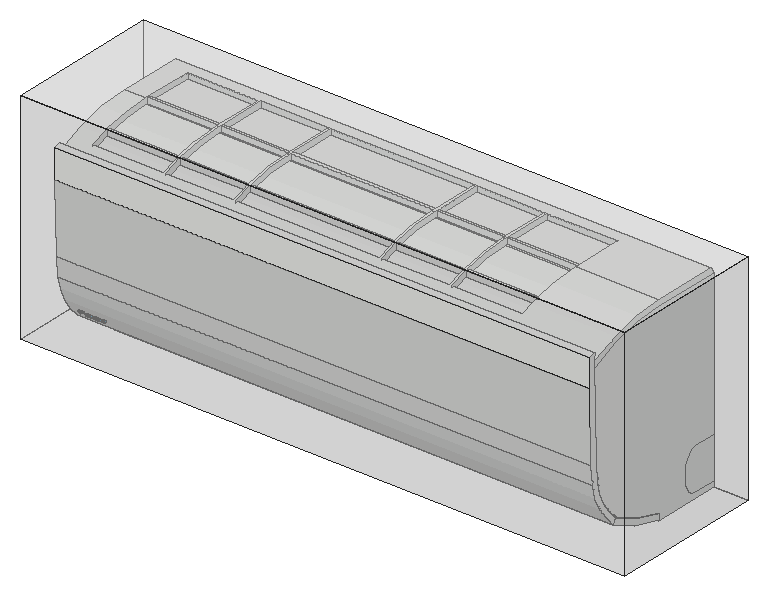
Revit family "outputfile", category 機械設備, Revit 2024
Family settings
  丸型コネクタ寸法 = 半径を使用
  パーツ タイプ = 標準
  OmniClass 番号 = 23.75.10.24.21.27.27
  OmniClass タイトル = Split System Air Conditioning Units
  作業面ベース = いいえ
  常に垂直 = はい
  ロード時にボイドで切り取り = いいえ
  注釈の向きを維持 = いいえ
  共有 = いいえ
  部屋計算ポイント = いいえ
Parameters (values of type "FTKQ60UVM4")
  Description = ""
  書き出し IFC クラス(タイプ) = "IfcUnitaryEquipmentType"
  定義済み IFC タイプ(タイプ) = "AIRCONDITIONINGUNIT"
  Cost = 0
  Type Comments = ""
  Keynote = ""
  Type Image = (empty or 0)
  Assembly Code = ""
  w_wall hole = if(Width = 770.0 mm, 48.0 mm, 60.0 mm)  # 48.0 mm
  製造元 = "Daikin"
  モデル = "FTKQ60UVM4"
  switch_frequency = yes
  r_Liquid Pipe Size = Liquid Pipe Size / 2  # 3.2 mm
  r_Gas Pipe Size = Gas Pipe Size / 2  # 6.35 mm
  r_Drain Pipe Size = Drain Pipe Size / 2  # 8.0 mm
  lw_powersupply [instance] = if(Width = 770.0 mm, if(or(Rear Right Connection_refrigerant, Bottom Right Connection_refrigerant), 25.0 mm, if(or(Rear Left Connection_refrigerant, Bottom Left Connection_refrigerant), 745.0 mm, 400.0 mm)), if(Width = 990.0 mm, if(or(Rear Right Connection_refrigerant, Bottom Right Connection_refrigerant), 40.0 mm, if(or(Rear Left Connection_refrigerant, Bottom Left Connection_refrigerant), 920.0 mm, 400.0 mm)), if(or(Rear Right Connection_refrigerant, Bottom Right Connection_refrigerant), 40.0 mm, if(or(Rear Left Connection_refrigerant, Bottom Left Connection_refrigerant), 920.0 mm, 400.0 mm))))  # 400.0 mm
  lw_liquidpipe [instance] = if(Width = 770.0 mm, if(or(Rear Right Connection_refrigerant, Bottom Right Connection_refrigerant), 0.0 mm, if(or(Rear Left Connection_refrigerant, Bottom Left Connection_refrigerant), 664.0 mm, 385.0 mm)), if(Width = 990.0 mm, if(or(Rear Right Connection_refrigerant, Bottom Right Connection_refrigerant), 0.0 mm, if(or(Rear Left Connection_refrigerant, Bottom Left Connection_refrigerant), 664.0 mm + (990.0 mm - 770.0 mm), 475.0 mm)), if(or(Rear Right Connection_refrigerant, Bottom Right Connection_refrigerant), 0.0 mm, if(or(Rear Left Connection_refrigerant, Bottom Left Connection_refrigerant), 664.0 mm + (990.0 mm - 770.0 mm), 475.0 mm))))  # 385.0 mm
  lw_gaspipe [instance] = if(Width = 770.0 mm, if(or(Rear Right Connection_refrigerant, Bottom Right Connection_refrigerant), 0.0 mm, if(or(Rear Left Connection_refrigerant, Bottom Left Connection_refrigerant), 675.0 mm, if(Gas Pipe Size = 12.7 mm, 345.0 mm, 335.0 mm))), if(Width = 990.0 mm, if(or(Rear Right Connection_refrigerant, Bottom Right Connection_refrigerant), 10.0 mm, if(or(Rear Left Connection_refrigerant, Bottom Left Connection_refrigerant), 890.0 mm, if(Gas Pipe Size = 15.9 mm, 400.0 mm, 400.0 mm))), if(or(Rear Right Connection_refrigerant, Bottom Right Connection_refrigerant), 10.0 mm, if(or(Rear Left Connection_refrigerant, Bottom Left Connection_refrigerant), 890.0 mm, if(Gas Pipe Size = 15.9 mm, 400.0 mm, 400.0 mm)))))  # 345.0 mm
  lw_drainpipe [instance] = if(Width = 770.0 mm, if(or(Rear Right Connection_refrigerant, Bottom Right Connection_refrigerant), 0.0 mm, if(or(Rear Left Connection_refrigerant, Bottom Left Connection_refrigerant), 770.0 mm - 48.0 mm - 48.0 mm, 440.0 mm)), if(Width = 990.0 mm, if(or(Rear Right Connection_refrigerant, Bottom Right Connection_refrigerant), 0.0 mm, if(or(Rear Left Connection_refrigerant, Bottom Left Connection_refrigerant), 675.0 mm + (990.0 mm - 770.0 mm), 435.0 mm)), if(or(Rear Right Connection_refrigerant, Bottom Right Connection_refrigerant), 0.0 mm, if(or(Rear Left Connection_refrigerant, Bottom Left Connection_refrigerant), 675.0 mm + (990.0 mm - 770.0 mm), 435.0 mm))))  # 440.0 mm
  l_powersupply_length [instance] = if(Width = 770.0 mm, if(Right Connection_refrigerant, 400.0 mm, if(Left Connection_refrigerant, 770.0 mm - 400.0 mm, if(or(Rear Left Connection_refrigerant, Rear Right Connection_refrigerant), 15.0 mm, 50.0 mm))), if(Width = 990.0 mm, if(Right Connection_refrigerant, 400.0 mm, if(Left Connection_refrigerant, 990.0 mm - 400.0 mm, if(or(Rear Left Connection_refrigerant, Rear Right Connection_refrigerant), 15.0 mm, 50.0 mm))), if(Right Connection_refrigerant, 400.0 mm, if(Left Connection_refrigerant, 990.0 mm - 400.0 mm, if(or(Rear Left Connection_refrigerant, Rear Right Connection_refrigerant), 15.0 mm, 50.0 mm)))))  # 400.0 mm
  l_liquidpipe_length [instance] = if(Width = 770.0 mm, if(Right Connection_refrigerant, 433.0 mm, if(Left Connection_refrigerant, 337.0 mm, if(or(Rear Left Connection_refrigerant, Rear Right Connection_refrigerant), 30.0 mm, 50.0 mm))), if(Width = 990.0 mm, if(Right Connection_refrigerant, 535.0 mm, if(Left Connection_refrigerant, 455.0 mm, if(or(Rear Left Connection_refrigerant, Rear Right Connection_refrigerant), 30.0 mm, 50.0 mm))), if(Right Connection_refrigerant, 535.0 mm, if(Left Connection_refrigerant, 455.0 mm, if(or(Rear Left Connection_refrigerant, Rear Right Connection_refrigerant), 30.0 mm, 50.0 mm)))))  # 433.0 mm
  l_gaspipe_length [instance] = if(Width = 770.0 mm, if(Right Connection_refrigerant, if(Gas Pipe Size = 12.7 mm, 393.0 mm, 383.0 mm), if(Left Connection_refrigerant, if(Gas Pipe Size = 12.7 mm, 770.0 mm - 393.0 mm, 770.0 mm - 383.0 mm), if(or(Rear Left Connection_refrigerant, Rear Right Connection_refrigerant), 40.0 mm, 40.0 mm))), if(Width = 990.0 mm, if(Right Connection_refrigerant, if(Gas Pipe Size = 15.9 mm, 460.0 mm, 460.0 mm), if(Left Connection_refrigerant, if(Gas Pipe Size = 15.9 mm, 990.0 mm - 460.0 mm, 990.0 mm - 460.0 mm), if(or(Rear Left Connection_refrigerant, Rear Right Connection_refrigerant), 40.0 mm, 40.0 mm))), if(Right Connection_refrigerant, if(Gas Pipe Size = 15.9 mm, 460.0 mm, 460.0 mm), if(Left Connection_refrigerant, if(Gas Pipe Size = 15.9 mm, 990.0 mm - 460.0 mm, 990.0 mm - 460.0 mm), if(or(Rear Left Connection_refrigerant, Rear Right Connection_refrigerant), 40.0 mm, 40.0 mm)))))  # 393.0 mm
  l_drainpipe_length [instance] = if(Width = 770.0 mm, if(Right Connection_refrigerant, 488.0 mm, if(Left Connection_refrigerant, 282.0 mm, if(or(Rear Left Connection_refrigerant, Rear Right Connection_refrigerant), 15.0 mm, 20.0 mm))), if(Width = 990.0 mm, if(Right Connection_refrigerant, 495.0 mm, if(Left Connection_refrigerant, 495.0 mm, if(or(Rear Left Connection_refrigerant, Rear Right Connection_refrigerant), 15.0 mm, 20.0 mm))), if(Right Connection_refrigerant, 495.0 mm, if(Left Connection_refrigerant, 495.0 mm, if(or(Rear Left Connection_refrigerant, Rear Right Connection_refrigerant), 15.0 mm, 20.0 mm)))))  # 488.0 mm
  h*** = 0.0 mm  # constant formula
  connector_voltage = Voltage_50Hz  # 230 V
  connector_powerinput = [Power Input (Cooling)]  # 0.000 kW
  connector_phase = Phase_50Hz  # 1
  angle_vertical [instance] = if(or(Bottom Left Connection_refrigerant, Bottom Right Connection_refrigerant), 0.00°, 90.00°)  # 90.00°
  angle_horizontal [instance] = if(Right Connection_refrigerant, 90.00°, if(Left Connection_refrigerant, -90.00°, if(or(Rear Left Connection_refrigerant, Rear Right Connection_refrigerant), 180.00°, 0.00°)))  # 90.00°
  Width = 770.0 mm
  Voltage_comment_50Hz = "220 - 240"
  Voltage_50Hz = 230 V
  Version = "ver.1.0"
  Unit Type = "Wall Mounted"
  Unit Mass Weight = 8.00 kg
  Unit Designation [instance] = ""
  Uniclass2015Version = "Products v1.30"
  Uniclass2015Title = "Split coil room air conditioning units"
  Uniclass2015Code = "Pr_70_65_03_86"
  URL = ""
  Total Cooling Capacity [instance] = 0.000 kW
  Sound Pressure Level_M speed (dBA) = 42
  Sound Pressure Level_L speed (dBA) = 37
  Sound Pressure Level_H speed (dBA) = 45
  Sound Power Level_H speed (dB) = 0
  Series = "Single Split_Fan Coil Unit"
  Sensible Cooling Capacity [instance] = 0.000 kW
  Refrigerant Type = "R32"
  Power Input (Cooling) = 0.000 kW
  Phase_50Hz = 1
  Option Accessory 3 [instance] = ""
  Option Accessory 2 [instance] = ""
  Option Accessory 1 [instance] = ""
  Nominal Cooling Capacity = 6.000 kW
  Minimum Circuit Amps_50Hz = 0.0 A
  Minimum Airflow = 594.00 m³/h
  Median Airflow = 726.00 m³/h
  Maximum Fuse Amps_50Hz = 0.0 A
  Maximum Airflow = 822.00 m³/h
  Material_Casing = DAIKIN_White_Casing_indoorunit
  Load Classification = HVAC
  Liquid Pipe Size = 6.4 mm
  Link_Nested Family [instance] = ""
  IfcVersion = ""
  IfcExportType = "AIRCONDITIONINGUNIT"
  IfcExportAs = "IfcUnitaryEquipmentType"
  Height = 285.0 mm
  Heat Exchanger Type = "Cross Fin Coil"
  Gas Pipe Size = 12.7 mm
  Frequency_50Hz = 50 Hz
  Fan Type = "Cross Flow Fan"
  Fan Drive = "Direct Drive"
  FCU Tag No. [instance] = ""
  Drain Pipe Size = 16.0 mm
  Design Supply Airflow [instance] = 0.00 m³/h
  Depth = 223.0 mm
  既定の高さ = 0.0 mm
  Cooling Entering Wet Bulb Temperature [instance] = 0.00 °C
  Cooling Entering Dry Bulb Temperature [instance] = 0.00 °C
  Cooling Ambient Wet Bulb Temperature [instance] = 0.00 °C
  Cooling Ambient Dry Bulb Temperature [instance] = 0.00 °C
  Clearance visibility [instance] = yes
  Clearance Top = 30.0 mm
  Clearance Right = 50.0 mm
  Clearance Rear = 0.0 mm
  Clearance Left = 50.0 mm
  Clearance Front = 0.0 mm
  Clearance Bottom = 0.0 mm
  Bottom Right Connection_refrigerant [instance] = no
  Bottom Left Connection_refrigerant [instance] = no
  Rear Right Connection_refrigerant [instance] = no
  Rear Left Connection_refrigerant [instance] = no
  Right Connection_refrigerant [instance] = yes
  Left Connection_refrigerant [instance] = no
Reference planes
  plane 1 "Back": y = 0
  plane 2: z = 0
  plane 3 "Center (Left/Right)": x = 0
  plane 4 "Center (Front/Back)": y = -111.5
  plane 5 "Front": y = -223
  plane 6 "Left": x = -385
  plane 7 "Right": x = 385
  plane 8 "Top": z = 0
  plane 9 "Bottom": z = -285
  plane 10: x = -435
  plane 11: x = 435
  plane 12: y = 0
  plane 13: y = -223
  plane 14: z = 30
  plane 15: z = -285
  plane 16 "lw_Piping and Wiring intake": x = 337
  plane 17 "lw_gaspipe": x = -8
  plane 18 "lw_liquidpipe": x = -48
  plane 19 "lw_drainpipe": x = -103
  plane 20 "lh_drainpipe": z = -265
  plane 21 "lh_liquidpipe": z = -235
  plane 22 "lh_gaspipe": z = -245
  plane 23 "ld_drainpipe": y = -15
  plane 24 "ld_liquidpipe": y = -30
  plane 25 "ld_gaspipe": y = -40
  plane 26 "lw_powersupply": x = -15
Dimensions and locks
  equal spacing: plane 6 "Left", plane 3 "Center (Left/Right)", plane 7 "Right"
  "Width": plane 6 "Left" to plane 7 "Right"
  equal spacing: plane 5 "Front", plane 4 "Center (Front/Back)", plane 1 "Back"
  "Depth": plane 5 "Front" to plane 1 "Back"
  "Height": plane 8 "Top" to plane 9 "Bottom"
  "Clearance Rear": plane 12 to plane 1 "Back"
  "Clearance Front": plane 13 to plane 5 "Front"
  "Clearance Top": plane 14 to plane 8 "Top"
  "Clearance Bottom": plane 9 "Bottom" to plane 15
  "w_wall hole": plane 16 "lw_Piping and Wiring intake" to plane 7 "Right"
  "lw_gaspipe": plane 17 "lw_gaspipe" to plane 16 "lw_Piping and Wiring intake"
  "lw_liquidpipe": plane 18 "lw_liquidpipe" to plane 16 "lw_Piping and Wiring intake"
  "lw_drainpipe": plane 19 "lw_drainpipe" to plane 16 "lw_Piping and Wiring intake"
  locked: plane 20 "lh_drainpipe" to plane 9 "Bottom" at 20
  locked: plane 21 "lh_liquidpipe" to plane 9 "Bottom" at 50
  locked: plane 22 "lh_gaspipe" to plane 9 "Bottom" at 40
  locked: plane 23 "ld_drainpipe" to plane 1 "Back" at 15
  locked: plane 1 "Back" to plane 24 "ld_liquidpipe" at 30
  locked: plane 1 "Back" to plane 25 "ld_gaspipe" at 40
  "lw_powersupply": plane 26 "lw_powersupply" to plane 7 "Right"
  "Clearance Left": plane 10 to plane 6 "Left"
  "Clearance Right": plane 7 "Right" to plane 11
  aligned and locked: level to plane 2
  aligned and locked: plane 12 to nested 1
  aligned and locked: nested 1 to plane 13
  aligned and locked: plane 10 to nested 1
  aligned and locked: plane 11 to nested 1
  aligned and locked: plane 15 to nested 1
  aligned and locked: plane 14 to nested 1
  aligned and locked: plane 17 "lw_gaspipe" to nested 2
  aligned and locked: nested 2 to plane 25 "ld_gaspipe"
  aligned and locked: plane 18 "lw_liquidpipe" to nested 3
  aligned and locked: nested 3 to plane 24 "ld_liquidpipe"
  aligned and locked: plane 19 "lw_drainpipe" to nested 4
  aligned and locked: nested 4 to plane 23 "ld_drainpipe"
  aligned and locked: nested 5 to plane 23 "ld_drainpipe"
  aligned and locked: plane 26 "lw_powersupply" to nested 5
  aligned and locked: level to plane 8 "Top"
  aligned and locked: plane 3 "Center (Left/Right)" to nested 6
  aligned and locked: plane 1 "Back" to nested 6
  aligned and locked: plane 8 "Top" to nested 6
Nested families
  nested 1: "daikin_clearancespace" at (0, -111.5, -127.381), show <- "Clearance visibility", visible <- "Clearance visibility", Link_Nested Family <- "Link_Nested Family", type "daikin_clearancespace"
    with width 870.0 mm, show yes, height 315.0 mm, depth 223.0 mm, Link_Nested Family ""
  nested 2: "daikin_connector_rotate3" at (-8, -40, -245), angle_vertical <- "angle_vertical", angle_horizontal <- "angle_horizontal", length <- "l_gaspipe_length", radius <- "r_Gas Pipe Size", type "daikin_connector_rotate3"
    with show no, radius 6.35 mm, length 393.0 mm, angle_vertical 90.00°, angle_horizontal 90.00°
  nested 3: "daikin_connector_rotate3" at (-48, -30, -235), angle_vertical <- "angle_vertical", angle_horizontal <- "angle_horizontal", radius <- "r_Liquid Pipe Size", length <- "l_liquidpipe_length", type "daikin_connector_rotate3"
    with show no, radius 3.2 mm, length 433.0 mm, angle_vertical 90.00°, angle_horizontal 90.00°
  nested 4: "daikin_connector_rotate3" at (-103, -15, -265), angle_vertical <- "angle_vertical", angle_horizontal <- "angle_horizontal", length <- "l_drainpipe_length", radius <- "r_Drain Pipe Size", type "daikin_connector_rotate3"
    with show no, radius 8.0 mm, length 488.0 mm, angle_vertical 90.00°, angle_horizontal 90.00°
  nested 5: "daikin_connector_rotate3" at (-15, -15, -235), angle_vertical <- "angle_vertical", angle_horizontal <- "angle_horizontal", length <- "l_powersupply_length", type "daikin_connector_rotate3"
    with show no, radius 10.0 mm, length 400.0 mm, angle_vertical 90.00°, angle_horizontal 90.00°
  nested 6: "DAIKIN_indoorunit_FTKQ-UVM4" at (-31, 0, 0), type "FTKQ-UVM4"
Connectors
  piping at (385, -40, -245), diameter 12.7, driven by "r_Gas Pipe Size"
    settings: on nested 2, index 1, connector inside diameter 609.6 mm, connector length 0.0 mm, flow factor 0, pipe flow 0.00 m³/h, pressure drop 0.0 Pa, fitting loss kfactor 0, connector angle 0.00°, fixture units 0, engagement length 0.0 mm, angle of deflection 0.00°, flow configuration 1, flow direction 2, fitting loss method 0, system type 29, joint type 0, gender type 0, connector reference index -1, connector utility 0, adjustable connector no, is connector primary yes, connector description "Refrigerant Gas Piping"
  piping at (385, -30, -235), diameter 6.4, driven by "r_Liquid Pipe Size"
    settings: on nested 3, index 2, connector inside diameter 609.6 mm, connector length 0.0 mm, flow factor 0, pipe flow 0.00 m³/h, pressure drop 0.0 Pa, fitting loss kfactor 0, connector angle 0.00°, fixture units 0, engagement length 0.0 mm, angle of deflection 0.00°, flow configuration 1, flow direction 1, fitting loss method 0, system type 29, joint type 0, gender type 0, connector reference index -1, connector utility 0, adjustable connector no, is connector primary no, connector description "Refrigerant Liquid Piping"
  piping at (385, -15, -265), diameter 16, driven by "r_Drain Pipe Size"
    settings: on nested 4, index 3, connector inside diameter 609.6 mm, connector length 0.0 mm, flow factor 0, pipe flow 0.00 m³/h, pressure drop 0.0 Pa, fitting loss kfactor 0, connector angle 0.00°, fixture units 0, engagement length 0.0 mm, angle of deflection 0.00°, flow configuration 1, flow direction 2, fitting loss method 4, system type 16, joint type 0, gender type 0, connector reference index -1, connector utility 0, adjustable connector no, is connector primary no, connector description "Condensate Drain Piping"
  electrical at (385, -15, -235), driven by "Load Classification", driven by "connector_powerinput", driven by "connector_phase", driven by "connector_voltage"
    settings: on nested 5, index 4, voltage 230 V, apparent load 0 VA, apparent load phase1 0 VA, apparent load phase2 0 VA, apparent load phase3 0 VA, power factor 1, load classification "HVAC", number of poles 1, system type 30, power factor state 1, is connector primary yes, connector utility no, sub classification motor no, connector description "Power Supply"
Definition of nested family "daikin_clearancespace"
  Parameters (values of type "daikin_clearancespace")
    Description = "daikin_clearancespace"
    width [instance] = 1823.963 mm
    show [instance] = yes
    material = none
    height [instance] = 1359.762 mm
    depth [instance] = 880.0 mm
    Default Elevation = 0.0 mm
    Link_Nested Family [instance] = ""
  Reference planes
    plane 1 "Center (Front/Back)": y = 0
    plane 2 "Center (Elevation)": z = -0.119
    plane 3 "Center (Left/Right)": x = 0
    plane 4: y = 440
    plane 5: y = -440
    plane 6 "Right": x = 911.982
    plane 7 "Left": x = -911.982
    plane 8 "Top": z = 679.762
    plane 9 "Bottom": z = -680
  Forms (mm)
    Extrusion 1, solid, material <- "material", visible <- "show"
      sketch origin (0, 0, 0) x (1, 0, 0) y (0, 1, 0)
        loop
          line (-911.982, 440) -> (-911.982, -440) -> (911.982, -440) -> (911.982, 440) -> (-911.982, 440)
      from -680 to 679.762
  Lines and regions (mm)
    symbolic lines, visible <- "show"
      curve 1: line (911.982, 440, 0) -> (-911.982, 440, 0)
      curve 2: line (-911.982, 440, 0) -> (-911.982, -440, 0)
      curve 3: line (-911.982, -440, 0) -> (911.982, -440, 0)
      curve 4: line (911.982, -440, 0) -> (911.982, 440, 0)
      curve 5: line (911.982, 0, 679.762) -> (-911.982, 0, 679.762)
      curve 6: line (911.982, 0, -680) -> (911.982, 0, 679.762)
      curve 7: line (-911.982, 0, -680) -> (911.982, 0, -680)
      curve 8: line (-911.982, 0, 679.762) -> (-911.982, 0, -680)
      curve 9: line (0, 440, 679.762) -> (0, -440, 679.762)
      curve 10: line (0, -440, 679.762) -> (0, -440, -680)
      curve 11: line (0, 440, -680) -> (0, 440, 679.762)
      curve 12: line (0, -440, -680) -> (0, 440, -680)
  Dimensions and locks
    "width": plane 7 "Left" to plane 6 "Right"
    "depth": plane 4 to plane 5
    "height": plane 8 "Top" to plane 9 "Bottom"
    equal spacing: plane 7 "Left", plane 3 "Center (Left/Right)", plane 6 "Right"
    equal spacing: plane 4, plane 1 "Center (Front/Back)", plane 5
    equal spacing: plane 8 "Top", plane 2 "Center (Elevation)", plane 9 "Bottom"
    aligned and locked: level to plane 2 "Center (Elevation)"
    aligned and locked: Extrusion 1 sketch curve to plane 4
    aligned and locked: plane 7 "Left" to Extrusion 1 sketch curve
    aligned and locked: Extrusion 1 sketch curve to plane 5
    aligned and locked: Extrusion 1 sketch curve to plane 6 "Right"
    aligned and locked: plane 8 "Top" to Extrusion 1
    aligned and locked: curve 1 to Extrusion 1
    aligned and locked: curve 2 to Extrusion 1
    aligned and locked: curve 3 to Extrusion 1
    aligned and locked: curve 4 to Extrusion 1
    aligned and locked: curve 5 to Extrusion 1
    aligned and locked: curve 6 to Extrusion 1
    aligned and locked: curve 7 to Extrusion 1
    aligned and locked: curve 8 to Extrusion 1
    aligned and locked: curve 9 to Extrusion 1
    aligned and locked: curve 10 to Extrusion 1
    aligned and locked: curve 11 to Extrusion 1
    aligned and locked: curve 12 to Extrusion 1
    aligned and locked: Extrusion 1 to plane 9 "Bottom"
Definition of nested family "DAIKIN_indoorunit_FTKQ-UVM4"
  Parameters (values of type "FTKQ-UVM4")
    Material_Casing = none
    Default Elevation = 0.0 mm
  Reference planes
    plane 1 "Center (Front/Back)": y = 0
    plane 2 "reference_level": z = 0
    plane 3 "Center (Left/Right)": x = 31
    plane 4: x = -354
    plane 5: x = 416
    plane 6: z = -285
  Forms (mm)
    Extrusion 1, solid, material <- "Material_Casing"
      sketch origin (29, 0, 0) x (0, 1, 0) y (0, 0, 1)
        loop
          line (-5, 0) -> (-98, 0)
          arc (-98, 0) -> (-157.611, -7.211) -> (-213.783, -28.427) r 250
          arc (-213.783, -28.427) -> (-213.842, -32.972) -> (-213.892, -37.516) r 2191
          arc (-213.892, -37.516) -> (-157.832, -15.495) -> (-98.07, -8) r 242
          line (-98.07, -8) -> (0, -8) -> (-5, 0)
      from -383 to 387
    Extrusion 2, solid, material <- "Material_Casing"
      sketch origin (416, 1296.25, 1200) x (0, 1, 0) y (0, 0, 1)
        loop
          line (-1472.998, -1446.91) -> (-1476.998, -1453.839)
          arc (-1476.998, -1453.839) -> (-1437.481, -1472.422) -> (-1395.25, -1483.538) r 240
          line (-1395.25, -1483.538) -> (-1395.25, -1475.422)
          arc (-1395.25, -1475.422) -> (-1435.407, -1464.663) -> (-1472.998, -1446.91) r 232
      from 0 to -47.5
    Extrusion 3, solid, material <- "Material_Casing"
      sketch origin (29, 0, 0) x (0, 1, 0) y (0, 0, 1)
        loop
          arc (-223, -60.455) -> (-222.414, -110.646) -> (-220.656, -160.81) r 2149.92
          arc (-220.656, -160.81) -> (-219.65, -174.299) -> (-217.853, -187.706) r 229.911
          arc (-217.853, -187.706) -> (-205.371, -223.594) -> (-181.517, -253.17) r 111
          line (-181.517, -253.17) -> (-177.429, -246.093)
          arc (-177.429, -246.093) -> (-198.77, -218.989) -> (-209.965, -186.36) r 103
          arc (-209.965, -186.36) -> (-211.681, -173.586) -> (-212.651, -160.735) r 221.844
          arc (-212.651, -160.735) -> (-214.739, -93.233) -> (-214.74, -25.699) r 2186.828
          arc (-214.74, -25.699) -> (-214.671, -21.467) -> (-214.594, -17.235) r 2192
          line (-214.594, -17.235) -> (-223, -19.961) -> (-223, -60.455)
      from -383 to 387
    Extrusion 4, solid, material <- "Material_Casing"
      sketch origin (29, 0, -20) x (0, 1, 0) y (0, 0, 1)
        loop
          line (0, -265) -> (0, 12) -> (-98.07, 12)
          arc (-98.07, 12) -> (-157.832, 4.505) -> (-213.892, -17.516) r 242
          arc (-213.892, -17.516) -> (-213.638, -79.114) -> (-211.653, -140.681) r 2191
          arc (-211.653, -140.681) -> (-210.685, -153.501) -> (-208.973, -166.243) r 221
          arc (-208.973, -166.243) -> (-197.471, -199.282) -> (-175.482, -226.491) r 102
          arc (-175.482, -226.491) -> (-138.004, -244.019) -> (-98, -254.579) r 231
          line (-98, -254.579) -> (-98, -265) -> (0, -265)
      from -383 to 387
    Extrusion 5, solid, material <- "Material_Casing"
      sketch origin (-354, 1296.25, 1200) x (0, 1, 0) y (0, 0, 1)
        loop
          line (-1472.998, -1446.91) -> (-1476.998, -1453.839)
          arc (-1476.998, -1453.839) -> (-1437.481, -1472.422) -> (-1395.25, -1483.538) r 240
          line (-1395.25, -1483.538) -> (-1395.25, -1475.422)
          arc (-1395.25, -1475.422) -> (-1435.407, -1464.663) -> (-1472.998, -1446.91) r 232
      from 47 to 0
    Extrusion 6, solid, material <- "Material_Casing"
      sketch origin (416, 1296.25, 1200) x (0, 1, 0) y (0, 0, 1)
        loop
          line (-1472.998, -1446.91) -> (-1476.998, -1453.839)
          arc (-1476.998, -1453.839) -> (-1443.437, -1470.168) -> (-1407.75, -1481.097) r 240
          line (-1407.75, -1481.097) -> (-1407.75, -1472.894)
          arc (-1407.75, -1472.894) -> (-1441.363, -1462.385) -> (-1472.998, -1446.91) r 232
      from -116.993 to -48.493
    Extrusion 7, solid, material <- "Material_Casing"
      sketch origin (416, 1296.25, 1200) x (0, 1, 0) y (0, 0, 1)
        loop
          line (-1472.998, -1446.91) -> (-1476.998, -1453.839)
          arc (-1476.998, -1453.839) -> (-1443.437, -1470.168) -> (-1407.75, -1481.097) r 240
          line (-1407.75, -1481.097) -> (-1407.75, -1472.894)
          arc (-1407.75, -1472.894) -> (-1441.363, -1462.385) -> (-1472.998, -1446.91) r 232
      from -717 to -121.993
    Extrusion 8, void
      sketch origin (31, 0, -235) x (1, 0, 0) y (0, 1, 0)
        loop
          line (-252.674, -22.316) -> (-354.941, -22.316) -> (-354.941, -91.341) -> (-252.674, -91.341) -> (-252.674, -22.316)
        loop
          line (-249.341, -91.341) -> (-151.574, -91.341) -> (-151.574, -22.316) -> (-249.341, -22.316) -> (-249.341, -91.341)
        loop
          line (58.309, -22.316) -> (-148.309, -22.316) -> (-148.309, -91.341) -> (58.309, -91.341) -> (58.309, -22.316)
        loop
          line (61.689, -22.316) -> (61.689, -91.341) -> (159.457, -91.341) -> (159.457, -22.316) -> (61.689, -22.316)
        loop
          line (162.789, -22.316) -> (162.789, -91.341) -> (265.057, -91.341) -> (265.057, -22.316) -> (162.789, -22.316)
        loop
          line (-354.941, -94.659) -> (-354.941, -165.259) -> (-252.674, -165.259) -> (-252.674, -94.659) -> (-354.941, -94.659)
        loop
          line (-249.341, -94.659) -> (-249.341, -165.259) -> (-151.574, -165.259) -> (-151.574, -94.659) -> (-249.341, -94.659)
        loop
          line (-148.309, -94.659) -> (-148.309, -165.259) -> (58.309, -165.259) -> (58.309, -94.659) -> (-148.309, -94.659)
        loop
          line (61.689, -94.659) -> (61.689, -165.259) -> (159.457, -165.259) -> (159.457, -94.659) -> (61.689, -94.659)
        loop
          line (162.789, -94.659) -> (162.789, -165.259) -> (265.057, -165.259) -> (265.057, -94.659) -> (162.789, -94.659)
        loop
          line (-354.941, -167.382) -> (-354.941, -192.681) -> (-252.674, -192.681) -> (-252.674, -167.382) -> (-354.941, -167.382)
        loop
          line (-249.341, -167.382) -> (-249.341, -192.681) -> (-151.574, -192.681) -> (-151.574, -167.382) -> (-249.341, -167.382)
        loop
          line (-148.309, -167.382) -> (-148.309, -192.681) -> (58.309, -192.681) -> (58.309, -167.382) -> (-148.309, -167.382)
        loop
          line (159.457, -167.382) -> (61.689, -167.382) -> (61.689, -192.681) -> (159.457, -192.681) -> (159.457, -167.382)
        loop
          line (265.057, -167.382) -> (162.789, -167.382) -> (162.789, -192.681) -> (265.057, -192.681) -> (265.057, -167.382)
      from 201.638 to 250
    Extrusion 9, solid, material <- "Material_Casing"
      sketch origin (31, 0, 0) x (1, 0, 0) y (0, 0, 1)
        loop
          circle (337, -240.5) r 32.5
        loop
          circle (-337, -240.5) r 32.5
      from 0 to 5
    Extrusion 10, solid, material <- "Material_Casing"
      sketch origin (416, 1296.25, 1200) x (0, -1, 0) y (0, 0, 1)
        loop
          line (1326.25, -1417) -> (1296.25, -1417) -> (1296.25, -1477) -> (1326.25, -1477)
          arc (1326.25, -1477) -> (1340.393, -1471.142) -> (1346.25, -1457) r 20
          line (1346.25, -1457) -> (1346.25, -1437)
          arc (1346.25, -1437) -> (1340.393, -1422.858) -> (1326.25, -1417) r 20
      from 0 to 5
    Extrusion 11, solid, material <- "Material_Casing"
      sketch origin (-354, 1296.25, 1200) x (0, 1, 0) y (0, 0, 1)
        loop
          line (-1296.25, -1417) -> (-1326.25, -1417)
          arc (-1326.25, -1417) -> (-1340.393, -1422.858) -> (-1346.25, -1437) r 20
          line (-1346.25, -1437) -> (-1346.25, -1457)
          arc (-1346.25, -1457) -> (-1340.393, -1471.142) -> (-1326.25, -1477) r 20
          line (-1326.25, -1477) -> (-1296.25, -1477) -> (-1296.25, -1417)
      from 0 to 5
    Extrusion 12, solid, material <- "Material_Casing"
      sketch origin (31, 0, -285) x (-1, 0, 0) y (0, -1, 0)
        loop
          line (-314, 0) -> (-314, 30)
          arc (-314, 30) -> (-319.858, 44.142) -> (-334, 50) r 20
          line (-334, 50) -> (-354, 50)
          arc (-354, 50) -> (-368.142, 44.142) -> (-374, 30) r 20
          line (-374, 30) -> (-374, 0) -> (-314, 0)
        loop
          line (374, 0) -> (374, 30)
          arc (374, 30) -> (368.142, 44.142) -> (354, 50) r 20
          line (354, 50) -> (334, 50)
          arc (334, 50) -> (319.858, 44.142) -> (314, 30) r 20
          line (314, 30) -> (314, 0) -> (374, 0)
      from 0 to 5
  Cuts and joins
    Extrusion 8 cuts Extrusion 1
  Lines and regions (mm)
    reference lines
      curve 1: line (-523, -201.911, -229.404) -> (-523, -193.542, -239.977)
  Dimensions and locks
    locked: Extrusion 10 sketch curve to Extrusion 10 sketch curve at 60
    locked: Extrusion 10 sketch curve to Extrusion 10 sketch curve at 50
    locked: Extrusion 12 sketch curve to Extrusion 12 sketch curve at 60  (x2)
    locked: Extrusion 12 sketch curve to Extrusion 12 sketch curve at 50
    equal spacing: plane 5, plane 3 "Center (Left/Right)", plane 4
    plane 5 to plane 4 = 770.0 mm
    locked: Extrusion 9 sketch curve to plane 4 at 48
    plane 5 to Extrusion 9 sketch curve = 48.0 mm
    plane 2 "reference_level" to plane 6 = 285.0 mm
    locked: Extrusion 9 sketch curve to plane 6 at 44.5  (x2)
    diameter of Extrusion 9 sketch curve = 65.0 mm  (x2)
    aligned and locked: level to plane 2 "reference_level"
    aligned and locked: nested 1 to curve 1
    aligned and locked: Extrusion 11 sketch curve to Extrusion 10  (x4)
    aligned and locked: Extrusion 12 sketch curve to Extrusion 12 sketch curve  (x2)
    aligned and locked: Extrusion 9 to plane 1 "Center (Front/Back)"
  Automatic sketch dimensions
    curve 1 to level = 239.977 mm
    plane 1 "Center (Front/Back)" to curve 1 = 193.542 mm
    curve 1 to curve 1 = 10.573 mm
    curve 1 to curve 1 = 8.368 mm
    Extrusion 1 sketch curve to level = 0.0 mm
    Extrusion 1 sketch curve to plane 1 "Center (Front/Back)" = 0.0 mm
    plane 1 "Center (Front/Back)" to Extrusion 1 sketch curve = 5.0 mm
    plane 1 "Center (Front/Back)" to Extrusion 1 sketch curve = 98.0 mm
    Extrusion 1 sketch curve to Extrusion 1 sketch curve = 0.07 mm
    Extrusion 1 sketch curve to level = 59.292 mm
    Extrusion 1 sketch curve to plane 1 "Center (Front/Back)" = 1977.0 mm
    Extrusion 1 sketch curve to level = 250.0 mm
    Extrusion 1 sketch curve to Extrusion 1 sketch curve = 0.0 mm
    Extrusion 1 sketch curve to level = 8.0 mm
    Extrusion 1 sketch curve to level = 28.427 mm
    plane 1 "Center (Front/Back)" to Extrusion 2 sketch curve = 180.748 mm
    Extrusion 2 sketch curve to Extrusion 2 sketch curve = 4.0 mm
    Extrusion 2 sketch curve to Extrusion 2 sketch curve = 77.747 mm
    plane 1 "Center (Front/Back)" to Extrusion 2 sketch curve = 59.279 mm
    Extrusion 2 sketch curve to Extrusion 2 sketch curve = 0.0 mm
    Extrusion 2 sketch curve to level = 283.538 mm
    Extrusion 2 sketch curve to Extrusion 2 sketch curve = 8.116 mm
    Extrusion 2 sketch curve to Extrusion 2 sketch curve = 21.583 mm
    Extrusion 2 sketch curve to Extrusion 2 sketch curve = 6.929 mm
    Extrusion 3 sketch curve to level = 19.961 mm
    plane 1 "Center (Front/Back)" to Extrusion 3 sketch curve = 223.0 mm
    Extrusion 3 sketch curve to level = 17.235 mm
    Extrusion 3 sketch curve to Extrusion 3 sketch curve = 8.406 mm
    plane 1 "Center (Front/Back)" to Extrusion 3 sketch curve = 181.517 mm
    Extrusion 3 sketch curve to Extrusion 3 sketch curve = 4.087 mm
    Extrusion 3 sketch curve to Extrusion 3 sketch curve = 69.11 mm
    Extrusion 3 sketch curve to Extrusion 3 sketch curve = 0.001 mm
    Extrusion 3 sketch curve to plane 1 "Center (Front/Back)" = 8.955 mm
    Extrusion 3 sketch curve to Extrusion 3 sketch curve = 0.067 mm
    Extrusion 3 sketch curve to level = 60.455 mm
    Extrusion 3 sketch curve to Extrusion 3 sketch curve = 1917.898 mm
    Extrusion 3 sketch curve to Extrusion 3 sketch curve = 44.907 mm
    Extrusion 3 sketch curve to Extrusion 3 sketch curve = 5.172 mm
    Extrusion 3 sketch curve to level = 150.456 mm
    Extrusion 3 sketch curve to Extrusion 3 sketch curve = 0.006 mm
    Extrusion 3 sketch curve to Extrusion 3 sketch curve = 19.265 mm
    Extrusion 3 sketch curve to Extrusion 3 sketch curve = 0.004 mm
    Extrusion 3 sketch curve to Extrusion 3 sketch curve = 76.368 mm
    Extrusion 3 sketch curve to Extrusion 3 sketch curve = 7.077 mm
    Extrusion 3 sketch curve to Extrusion 3 sketch curve = 1.002 mm
    Extrusion 3 sketch curve to Extrusion 3 sketch curve = 0.046 mm
    Extrusion 3 sketch curve to Extrusion 3 sketch curve = 8.005 mm
    Extrusion 3 sketch curve to Extrusion 3 sketch curve = 0.147 mm
    Extrusion 3 sketch curve to Extrusion 3 sketch curve = 0.0 mm
    Extrusion 4 sketch curve to plane 1 "Center (Front/Back)" = 0.0 mm
    plane 1 "Center (Front/Back)" to Extrusion 4 sketch curve = 59.278 mm
    Extrusion 4 sketch curve to Extrusion 4 sketch curve = 98.0 mm
    Extrusion 4 sketch curve to Extrusion 4 sketch curve = 0.0 mm  (x3)
    Extrusion 4 sketch curve to level = 8.0 mm
    Extrusion 4 sketch curve to Extrusion 4 sketch curve = 38.791 mm
    Extrusion 4 sketch curve to Extrusion 4 sketch curve = 10.249 mm
    Extrusion 4 sketch curve to plane 1 "Center (Front/Back)" = 9.11 mm
    Extrusion 4 sketch curve to level = 59.292 mm
    Extrusion 4 sketch curve to Extrusion 4 sketch curve = 1967.89 mm
    Extrusion 4 sketch curve to Extrusion 4 sketch curve = 142.454 mm
    Extrusion 4 sketch curve to Extrusion 4 sketch curve = 19.271 mm
    Extrusion 4 sketch curve to Extrusion 4 sketch curve = 80.275 mm
    Extrusion 4 sketch curve to Extrusion 4 sketch curve = 24.579 mm
    Extrusion 4 sketch curve to Extrusion 4 sketch curve = 10.421 mm
    Extrusion 4 sketch curve to level = 46.847 mm
    Extrusion 4 sketch curve to Extrusion 4 sketch curve = 77.412 mm
    Extrusion 4 sketch curve to Extrusion 4 sketch curve = 33.49 mm
    Extrusion 4 sketch curve to Extrusion 4 sketch curve = 2.68 mm
    plane 1 "Center (Front/Back)" to Extrusion 5 sketch curve = 180.748 mm
    Extrusion 5 sketch curve to Extrusion 5 sketch curve = 4.0 mm
    Extrusion 5 sketch curve to Extrusion 5 sketch curve = 77.747 mm
    plane 1 "Center (Front/Back)" to Extrusion 5 sketch curve = 59.279 mm
    Extrusion 5 sketch curve to Extrusion 5 sketch curve = 0.0 mm
    Extrusion 5 sketch curve to level = 283.538 mm
    Extrusion 5 sketch curve to Extrusion 5 sketch curve = 8.116 mm
    Extrusion 5 sketch curve to Extrusion 5 sketch curve = 21.583 mm
    Extrusion 5 sketch curve to Extrusion 5 sketch curve = 6.929 mm
    plane 1 "Center (Front/Back)" to Extrusion 6 sketch curve = 180.748 mm
    Extrusion 6 sketch curve to Extrusion 6 sketch curve = 4.0 mm
    Extrusion 6 sketch curve to Extrusion 6 sketch curve = 65.247 mm
    plane 1 "Center (Front/Back)" to Extrusion 6 sketch curve = 59.279 mm
    Extrusion 6 sketch curve to Extrusion 6 sketch curve = 0.0 mm
    Extrusion 6 sketch curve to level = 281.097 mm
    Extrusion 6 sketch curve to Extrusion 6 sketch curve = 8.203 mm
    Extrusion 6 sketch curve to Extrusion 6 sketch curve = 19.055 mm
    Extrusion 6 sketch curve to Extrusion 6 sketch curve = 6.929 mm
    plane 1 "Center (Front/Back)" to Extrusion 7 sketch curve = 180.748 mm
    Extrusion 7 sketch curve to Extrusion 7 sketch curve = 4.0 mm
    Extrusion 7 sketch curve to Extrusion 7 sketch curve = 65.247 mm
    plane 1 "Center (Front/Back)" to Extrusion 7 sketch curve = 59.279 mm
    Extrusion 7 sketch curve to Extrusion 7 sketch curve = 0.0 mm
    Extrusion 7 sketch curve to level = 281.097 mm
    Extrusion 7 sketch curve to Extrusion 7 sketch curve = 8.203 mm
    Extrusion 7 sketch curve to Extrusion 7 sketch curve = 19.055 mm
    Extrusion 7 sketch curve to Extrusion 7 sketch curve = 6.929 mm
    plane 1 "Center (Front/Back)" to Extrusion 8 sketch curve = 165.259 mm  (x2)
    Extrusion 8 sketch curve to plane 3 "Center (Left/Right)" = 354.941 mm
    plane 1 "Center (Front/Back)" to Extrusion 8 sketch curve = 22.316 mm  (x3)
    Extrusion 8 sketch curve to Extrusion 8 sketch curve = 0.0 mm  (x26)
    Extrusion 8 sketch curve to Extrusion 8 sketch curve = 102.268 mm  (x2)
    Extrusion 8 sketch curve to Extrusion 8 sketch curve = 3.332 mm  (x4)
    Extrusion 8 sketch curve to Extrusion 8 sketch curve = 97.768 mm  (x2)
    Extrusion 8 sketch curve to Extrusion 8 sketch curve = 3.264 mm  (x3)
    plane 3 "Center (Left/Right)" to Extrusion 8 sketch curve = 58.309 mm
    Extrusion 8 sketch curve to Extrusion 8 sketch curve = 3.38 mm  (x3)
    Extrusion 8 sketch curve to Extrusion 8 sketch curve = 2.124 mm  (x6)
    Extrusion 8 sketch curve to Extrusion 8 sketch curve = 25.299 mm  (x2)
    Extrusion 8 sketch curve to Extrusion 8 sketch curve = 70.6 mm
    Extrusion 8 sketch curve to Extrusion 8 sketch curve = 3.317 mm  (x4)
    Extrusion 10 sketch curve to plane 1 "Center (Front/Back)" = 0.0 mm
    Extrusion 10 sketch curve to Extrusion 10 sketch curve = 20.0 mm  (x2)
    Extrusion 10 sketch curve to level = 277.0 mm
    plane 1 "Center (Front/Back)" to Extrusion 12 sketch curve = 0.0 mm
    plane 3 "Center (Left/Right)" to Extrusion 12 sketch curve = 374.0 mm
    Extrusion 12 sketch curve to Extrusion 12 sketch curve = 20.0 mm  (x3)
    plane 1 "Center (Front/Back)" to Extrusion 12 sketch curve = 30.0 mm
    Extrusion 12 sketch curve to plane 3 "Center (Left/Right)" = 314.0 mm
  Nested families
    nested 1: "daikin_logo_plane_w40" at (-320, -198.871, -233.244) x (1, 0, 0) z (0, -0.7841, -0.6206), type "daikin_logo_plane_w40"
      with show_logo yes
  Definition of nested family "daikin_logo_plane_w40"
    Parameters (values of type "daikin_logo_plane_w40")
      width = 40.0 mm
      show_logo [instance] = yes
      material = none
      height = 0.0 mm
      depth = 0.0 mm
      Default Elevation = 1219.2 mm
    Reference planes
      plane 1 "Center (Front/Back)": y = 0
      plane 2: z = 0
      plane 3 "Center (Left/Right)": x = 0
      plane 4: z = 2
      plane 5 "left": x = -19
      plane 6: x = 19
    Forms (mm)
      Extrusion 1, solid, visible <- "show_logo"
        sketch origin (-19, 0, 0) x (1, 0, 0) y (0, 1, 0)
          loop
            line (8.902, -1.878) -> (7.789, -6.332) -> (11.13, -6.332)
            arc (11.13, -6.332) -> (12.454, -6.064) -> (13.472, -5.176) r 2.642
            arc (13.472, -5.176) -> (13.92, -4.02) -> (13.767, -2.79) r 2.537
            arc (13.767, -2.79) -> (13.452, -2.342) -> (12.982, -2.06) r 1.321
            arc (12.982, -2.06) -> (12.063, -1.902) -> (11.13, -1.878) r 6.479
            line (11.13, -1.878) -> (8.902, -1.878)
          loop
            line (10.016, -5.441) -> (10.907, -5.441)
            arc (10.907, -5.441) -> (11.591, -4.983) -> (11.988, -4.261) r 1.742
            spline (11.988, -4.261) -> (12.01, -4.155) -> (12.027, -4.03) -> (12.037, -3.893) -> (12.037, -3.747) -> (12.026, -3.598) -> (12.002, -3.451) -> (11.962, -3.31) -> (11.905, -3.181) -> (11.829, -3.069) -> (11.731, -2.978) -> (11.61, -2.913) -> (11.464, -2.88)
            line (11.464, -2.88) -> (10.573, -2.88) -> (10.016, -5.441)
          loop
            line (13.58, -6.332) -> (14.805, -6.332) -> (15.223, -5.553) -> (16.977, -5.553) -> (17.144, -6.332) -> (19.149, -6.332) -> (18.258, -1.878) -> (16.03, -1.878) -> (13.58, -6.332)
          loop
            line (16.476, -3.214) -> (15.76, -4.551) -> (16.762, -4.551) -> (16.476, -3.214)
          loop
            line (19.705, -6.332) -> (21.599, -6.332) -> (22.712, -1.878) -> (20.819, -1.878) -> (19.705, -6.332)
          loop
            line (22.712, -6.332) -> (24.606, -6.332) -> (24.908, -5.122) -> (25.831, -6.332) -> (28.17, -6.332) -> (26.388, -3.994) -> (28.949, -1.878) -> (26.945, -1.878) -> (25.401, -3.153) -> (25.719, -1.878) -> (23.826, -1.878) -> (22.712, -6.332)
          loop
            line (29.84, -1.878) -> (28.615, -6.332) -> (30.62, -6.332) -> (31.734, -1.878) -> (29.84, -1.878)
          loop
            line (31.734, -6.332) -> (33.07, -6.332) -> (33.7, -3.814) -> (34.518, -6.332) -> (36.745, -6.332) -> (37.859, -1.878) -> (36.523, -1.878) -> (35.845, -4.589) -> (34.963, -1.878) -> (32.847, -1.878) -> (31.734, -6.332)
        from 0 to 2
      Extrusion 2, solid, visible <- "show_logo"
        sketch origin (-19, 0, 0) x (1, 0, 0) y (0, 1, 0)
          loop
            line (8.7, 0) -> (4.235, 0) -> (0, -3.879) -> (0, -8) -> (8.7, 0)
        from 0 to 2
      Extrusion 3, solid, visible <- "show_logo"
        sketch origin (-19, 0, 0) x (1, 0, 0) y (0, 1, 0)
          loop
            line (0, 0) -> (0, -3.879) -> (4.235, 0) -> (0, 0)
        from 0 to 2
    Dimensions and locks
      plane 4 to plane 2 = 2.0 mm
      equal spacing: plane 5 "left", plane 3 "Center (Left/Right)", plane 6
      locked: plane 5 "left" to plane 6 at 38
      aligned and locked: level to plane 2
      aligned and locked: Extrusion 3 to plane 1 "Center (Front/Back)"  (x2)
      aligned and locked: Extrusion 2 to plane 1 "Center (Front/Back)"  (x2)
      aligned and locked: plane 4 to Extrusion 1
      aligned and locked: plane 4 to Extrusion 3
      aligned and locked: plane 4 to Extrusion 2
      aligned and locked: Extrusion 3 to plane 5 "left"
      aligned and locked: Extrusion 2 to plane 5 "left"
    Automatic sketch dimensions
      Extrusion 1 sketch curve to Extrusion 1 sketch curve = 0.901 mm
      Extrusion 1 sketch curve to Extrusion 1 sketch curve = 1.559 mm
      Extrusion 1 sketch curve to Extrusion 1 sketch curve = 1.327 mm
      Extrusion 1 sketch curve to Extrusion 1 sketch curve = 2.145 mm
      Extrusion 1 sketch curve to Extrusion 1 sketch curve = 1.448 mm
      Extrusion 1 sketch curve to Extrusion 1 sketch curve = 2.116 mm
      Extrusion 1 sketch curve to Extrusion 1 sketch curve = 1.114 mm  (x4)
      Extrusion 1 sketch curve to Extrusion 1 sketch curve = 1.336 mm  (x2)
      plane 1 "Center (Front/Back)" to Extrusion 1 sketch curve = 1.878 mm  (x5)
      Extrusion 1 sketch curve to Extrusion 1 sketch curve = 1.893 mm  (x5)
      Extrusion 1 sketch curve to Extrusion 1 sketch curve = 0.891 mm  (x4)
      Extrusion 1 sketch curve to Extrusion 1 sketch curve = 2.005 mm  (x3)
      Extrusion 1 sketch curve to Extrusion 1 sketch curve = 0.445 mm  (x2)
      plane 1 "Center (Front/Back)" to Extrusion 1 sketch curve = 3.994 mm
      Extrusion 1 sketch curve to Extrusion 1 sketch curve = 0.557 mm  (x2)
      Extrusion 1 sketch curve to Extrusion 1 sketch curve = 2.339 mm  (x2)
      Extrusion 1 sketch curve to Extrusion 1 sketch curve = 1.225 mm  (x3)
      plane 1 "Center (Front/Back)" to Extrusion 1 sketch curve = 3.153 mm
      Extrusion 1 sketch curve to Extrusion 1 sketch curve = 0.987 mm
      plane 1 "Center (Front/Back)" to Extrusion 1 sketch curve = 5.122 mm
      Extrusion 1 sketch curve to Extrusion 1 sketch curve = 0.922 mm
      plane 1 "Center (Front/Back)" to Extrusion 1 sketch curve = 6.332 mm
      Extrusion 1 sketch curve to Extrusion 1 sketch curve = 2.562 mm
      plane 1 "Center (Front/Back)" to Extrusion 1 sketch curve = 5.553 mm
      Extrusion 1 sketch curve to Extrusion 1 sketch curve = 0.167 mm
      Extrusion 1 sketch curve to Extrusion 1 sketch curve = 0.215 mm
      plane 1 "Center (Front/Back)" to Extrusion 1 sketch curve = 3.214 mm
      Extrusion 1 sketch curve to Extrusion 1 sketch curve = 0.286 mm
      plane 1 "Center (Front/Back)" to Extrusion 1 sketch curve = 4.551 mm
      Extrusion 1 sketch curve to Extrusion 1 sketch curve = 1.002 mm
      Extrusion 1 sketch curve to Extrusion 1 sketch curve = 0.537 mm
      Extrusion 1 sketch curve to Extrusion 1 sketch curve = 0.418 mm
      Extrusion 1 sketch curve to Extrusion 1 sketch curve = 1.028 mm
      plane 1 "Center (Front/Back)" to Extrusion 1 sketch curve = 4.261 mm
      Extrusion 1 sketch curve to Extrusion 1 sketch curve = 0.563 mm
      plane 1 "Center (Front/Back)" to Extrusion 1 sketch curve = 2.88 mm
      Extrusion 1 sketch curve to Extrusion 1 sketch curve = 1.088 mm
      Extrusion 1 sketch curve to Extrusion 1 sketch curve = 2.152 mm
      Extrusion 1 sketch curve to Extrusion 1 sketch curve = 0.586 mm
      Extrusion 1 sketch curve to Extrusion 1 sketch curve = 0.118 mm
      Extrusion 1 sketch curve to Extrusion 1 sketch curve = 0.298 mm
      Extrusion 1 sketch curve to Extrusion 1 sketch curve = 0.334 mm
      Extrusion 1 sketch curve to Extrusion 1 sketch curve = 0.223 mm
      Extrusion 1 sketch curve to Extrusion 1 sketch curve = 0.266 mm
      Extrusion 1 sketch curve to Extrusion 1 sketch curve = 1.671 mm
      Extrusion 1 sketch curve to Extrusion 1 sketch curve = 2.227 mm
      Extrusion 1 sketch curve to Extrusion 1 sketch curve = 0.0 mm  (x7)
      Extrusion 1 sketch curve to Extrusion 1 sketch curve = 3.453 mm
      Extrusion 1 sketch curve to Extrusion 1 sketch curve = 2.017 mm
      Extrusion 1 sketch curve to Extrusion 1 sketch curve = 0.78 mm  (x2)
      Extrusion 1 sketch curve to Extrusion 1 sketch curve = 1.743 mm
      Extrusion 1 sketch curve to Extrusion 1 sketch curve = 0.775 mm
      Extrusion 1 sketch curve to Extrusion 1 sketch curve = 0.552 mm
      Extrusion 1 sketch curve to Extrusion 1 sketch curve = 0.014 mm
      Extrusion 1 sketch curve to Extrusion 1 sketch curve = 0.952 mm
      Extrusion 1 sketch curve to Extrusion 1 sketch curve = 1.215 mm
      Extrusion 1 sketch curve to Extrusion 1 sketch curve = 0.108 mm
      plane 1 "Center (Front/Back)" to Extrusion 2 sketch curve = 0.0 mm
      Extrusion 2 sketch curve to plane 3 "Center (Left/Right)" = 19.0 mm
      Extrusion 2 sketch curve to plane 3 "Center (Left/Right)" = 14.765 mm
      Extrusion 2 sketch curve to Extrusion 2 sketch curve = 4.465 mm
      plane 1 "Center (Front/Back)" to Extrusion 2 sketch curve = 3.879 mm
      Extrusion 2 sketch curve to Extrusion 2 sketch curve = 4.12 mm
      plane 1 "Center (Front/Back)" to Extrusion 3 sketch curve = 0.0 mm
      Extrusion 3 sketch curve to plane 3 "Center (Left/Right)" = 19.0 mm
      Extrusion 3 sketch curve to plane 3 "Center (Left/Right)" = 14.765 mm
      plane 1 "Center (Front/Back)" to Extrusion 3 sketch curve = 3.879 mm
      Extrusion 1 sketch curve to plane 3 "Center (Left/Right)" = 11.211 mm
      Extrusion 1 sketch curve to Extrusion 1 sketch curve = 1.782 mm
Definition of nested family "daikin_connector_rotate3"
  Parameters (values of type "daikin_connector_rotate3")
    show [instance] = yes
    radius [instance] = 10.0 mm
    length [instance] = 600.0 mm
    angle_horizontal [instance] = 60.00°
    angle_vertical [instance] = 90.00°
    Default Elevation = 1219.2 mm
  Reference planes
    plane 1 "Center (Front/Back)": y = 0
    plane 2: z = 0
    plane 3 "Center (Left/Right)": x = 0
  Dimensions and locks
    "angle_horizontal": angle plane 3 "Center (Left/Right)" to nested 1
    aligned and locked: level to plane 2
    aligned and locked: plane 1 "Center (Front/Back)" to nested 1  (x2)
    aligned and locked: plane 3 "Center (Left/Right)" to nested 1
  Nested families
    nested 1: "daikin_connector_rotate2" at (0, 0, 0) x (0.5, 0.866, 0) z (0, 0, 1), angle_vertical <- "angle_vertical", length <- "length", radius <- "radius", type "daikin_connector_rotate2"
      with radius 10.0 mm, length 600.0 mm, angle_vertical 90.00°
  Definition of nested family "daikin_connector_rotate2"
    Parameters (values of type "daikin_connector_rotate2")
      show_face = yes
      radius [instance] = 10.0 mm
      length [instance] = 600.0 mm
      d_surface = 10.0 mm
      angle_vertical [instance] = 90.00°
      Default Elevation = 0.0 mm
    Reference planes
      plane 1 "Center (Front/Back)": y = 0
      plane 2: z = 0
      plane 3 "Center (Left/Right)": x = 0
    Forms (mm)
      Extrusion 1, solid, visible <- "show_face"
        sketch origin (0, -600, 0) x (1, 0, 0) y (0, 0, 1)
          loop
            circle (0, 0) r 10
        from 0 to -10
    Lines and regions (mm)
      reference lines
        curve 1: line (0, 0, 0) -> (0, -600, 0)
      symbolic lines
        curve 2: circle (0, 0, 0) r 5 normal (0, 0, 1)
      model lines, visible <- "show_face"
        curve 3: line (0, 0, 0) -> (0, -600, 0)
    Dimensions and locks
      "length": curve 1 to curve 1
      "length": curve 3 to curve 3
      "d_surface": Extrusion 1 to Extrusion 1
      "radius": radius of Extrusion 1 sketch curve
      "angle_vertical": angle curve 1 to plane 1 "Center (Front/Back)"
      "angle_vertical": angle curve 3 to plane 1 "Center (Front/Back)"
      aligned and locked: level to plane 2
      aligned and locked: plane 1 "Center (Front/Back)" to curve 1
      aligned and locked: plane 2 to curve 1
      aligned and locked: plane 1 "Center (Front/Back)" to curve 2
      aligned and locked: plane 3 "Center (Left/Right)" to curve 2
      aligned and locked: plane 1 "Center (Front/Back)" to curve 3
      aligned and locked: plane 2 to curve 3
      aligned and locked: Extrusion 1 to Extrusion 1
    Automatic sketch dimensions
      Extrusion 1 sketch curve to level = 0.0 mm
      Extrusion 1 sketch curve to plane 3 "Center (Left/Right)" = 0.0 mm
      radius of curve 2 = 5.0 mm
